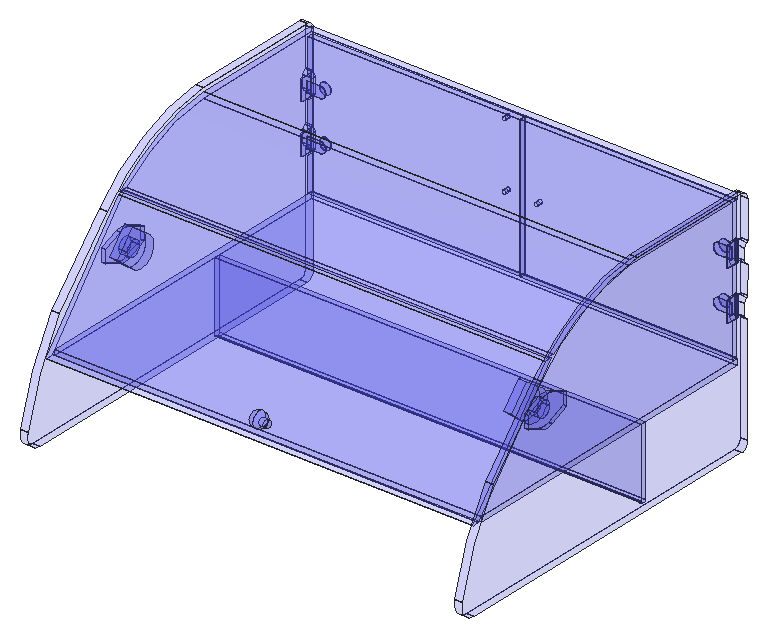
Revit family "QF_Vollrath_XLBC1-1826-13", category Specialty Equipment, Revit 2016
Family settings
  Part Type = Normal
  Round Connector Dimension = Use Diameter
  OmniClass Number = 23.40.40.00
  OmniClass Title = Food Service Equipment and Furnishings
  Work Plane-Based = No
  Always vertical = Yes
  Cut with Voids When Loaded = No
  Shared = No
  Room Calculation Point = No
Parameters (values of type "XLBC1F-1826-13")
  Weight in Pounds = 0
  Watermarked By = ""
  URL Cutsheet = ""
  URL = "www.vollrath.com"
  Specification by User [instance] = ""
  Specification by Manufacturer [instance] = ""
  Serial Number [instance] = ""
  Revision Code [instance] = ""
  Rear Doors = no
  No Rear Doors = not(Rear Doors)  # yes
  NAFEM Spec ID Number [instance] = ""
  Model = "XLBC1F-1826-13"
  Masterspec [instance] = ""
  Manufacturer = "Vollrath"  # constant formula
  Item Number [instance] = "-"
  Installed By [instance] = ""
  Furnished By [instance] = ""
  Foodservice Equipment Identifier = yes
  Description = "Display Case"
  CSI MasterFormat = "11 40 00"
  Assembly Code = "E1090300"
Types (3): name | Rear Doors | No Rear Doors | Model
  (no name) | no | yes | "XLBC1F-1826-13"
  XLBC1F-1826-13 | no | yes | "XLBC1F-1826-13"
  XLBC1FR-1826-13 | yes | no | "XLBC1FR-1826-13"
Reference planes (in)
  plane 1 "BACK": y = 0
  plane 2: z = 0
  plane 3 "LEFT": x = -16.56573
  plane 4 "RIGHT": x = 11.99677
  plane 5 "FRONT": y = -23.125
  plane 6 "Inside Left": x = -16.06573
  plane 7 "Inside Right": x = 11.49677
  plane 8 "Center LR": x = -2.28448
  plane 9 "TOP": z = 15
  plane 10 "Bottom": z = 0.125
  plane 11 "Inside Top": z = 14.75
  plane 12 "Top Hinge": z = 11.375
  plane 13 "Bottom Hinge": z = 8.1875
  plane 14 "Top Handle": z = 14
  plane 15 "Middle Handle": z = 9.75
  plane 16: z = 4.75
  plane 17 "Inside Bottom": z = 5.125
  plane 18 "Door Back": y = -0.1875
  plane 19 "Door Front": y = -0.5625
  plane 20 "Left Handle": x = -3.31573
  plane 21 "Right Handle": x = -1.25323
Forms (in)
  Extrusion 1, solid, material "QF_Glass-Cast-Clear"
    sketch origin (-16.56573, 0, 0) x (0, 1, 0) y (0, 0, 1)
      loop
        line (0, 0.5) -> (0, 7.50631)
        arc (0, 7.50631) -> (-0.01409, 7.54584) -> (-0.05, 7.56755) r 0.0625
        arc (-0.05, 7.56755) -> (-0.19365, 7.65439) -> (-0.25, 7.8125) r 0.25
        line (-0.25, 7.8125) -> (-0.25, 8.5625)
        arc (-0.25, 8.5625) -> (-0.19365, 8.72061) -> (-0.05, 8.80745) r 0.25
        arc (-0.05, 8.80745) -> (-0.01409, 8.82916) -> (0, 8.86869) r 0.0625
        line (0, 8.86869) -> (0, 10.69381)
        arc (0, 10.69381) -> (-0.01409, 10.73334) -> (-0.05, 10.75505) r 0.0625
        arc (-0.05, 10.75505) -> (-0.19365, 10.84189) -> (-0.25, 11) r 0.25
        line (-0.25, 11) -> (-0.25, 11.75)
        arc (-0.25, 11.75) -> (-0.19365, 11.90811) -> (-0.05, 11.99495) r 0.25
        arc (-0.05, 11.99495) -> (-0.01409, 12.01666) -> (0, 12.05619) r 0.0625
        line (0, 12.05619) -> (0, 14.5)
        arc (0, 14.5) -> (-0.14645, 14.85355) -> (-0.5, 15) r 0.5
        line (-0.5, 15) -> (-8.9375, 15)
        arc (-8.9375, 15) -> (-13.16039, 13.84397) -> (-16.6875, 11.25) r 12
        arc (-16.6875, 11.25) -> (-18.73417, 9.22453) -> (-20.5625, 7) r 28.0625
        arc (-20.5625, 7) -> (-22.07745, 4.22718) -> (-23.07105, 1.22779) r 17.5625
        arc (-23.07105, 1.22779) -> (-22.88085, 0.37863) -> (-22.09734, 0) r 1
        line (-22.09734, 0) -> (-0.5, 0)
        arc (-0.5, 0) -> (-0.14645, 0.14645) -> (0, 0.5) r 0.5
    from 0 to 0.5
  Extrusion 2, solid, material "QF_Glass-Cast-Clear"
    sketch origin (11.99677, 0, 0) x (0, 1, 0) y (0, 0, 1)
      loop
        line (0, 0.5) -> (0, 7.50631)
        arc (0, 7.50631) -> (-0.01409, 7.54584) -> (-0.05, 7.56755) r 0.0625
        arc (-0.05, 7.56755) -> (-0.19365, 7.65439) -> (-0.25, 7.8125) r 0.25
        line (-0.25, 7.8125) -> (-0.25, 8.5625)
        arc (-0.25, 8.5625) -> (-0.19365, 8.72061) -> (-0.05, 8.80745) r 0.25
        arc (-0.05, 8.80745) -> (-0.01409, 8.82916) -> (0, 8.86869) r 0.0625
        line (0, 8.86869) -> (0, 10.69381)
        arc (0, 10.69381) -> (-0.01409, 10.73334) -> (-0.05, 10.75505) r 0.0625
        arc (-0.05, 10.75505) -> (-0.19365, 10.84189) -> (-0.25, 11) r 0.25
        line (-0.25, 11) -> (-0.25, 11.75)
        arc (-0.25, 11.75) -> (-0.19365, 11.90811) -> (-0.05, 11.99495) r 0.25
        arc (-0.05, 11.99495) -> (-0.01409, 12.01666) -> (0, 12.05619) r 0.0625
        line (0, 12.05619) -> (0, 14.5)
        arc (0, 14.5) -> (-0.14645, 14.85355) -> (-0.5, 15) r 0.5
        line (-0.5, 15) -> (-8.9375, 15)
        arc (-8.9375, 15) -> (-13.16039, 13.84397) -> (-16.6875, 11.25) r 12
        arc (-16.6875, 11.25) -> (-18.73417, 9.22453) -> (-20.5625, 7) r 28.0625
        arc (-20.5625, 7) -> (-22.07745, 4.22718) -> (-23.07105, 1.22779) r 17.5625
        arc (-23.07105, 1.22779) -> (-22.88085, 0.37863) -> (-22.09734, 0) r 1
        line (-22.09734, 0) -> (-0.5, 0)
        arc (-0.5, 0) -> (-0.14645, 0.14645) -> (0, 0.5) r 0.5
    from 0 to -0.5
  Extrusion 3, solid, material "QF_Glass-Cast-Clear"
    sketch origin (-16.06573, 0, 0) x (0, 1, 0) y (0, 0, 1)
      loop
        line (-0.1875, 4.75) -> (-0.1875, 5.125) -> (-20.9375, 5.125) -> (-20.9375, 4.75) -> (-0.1875, 4.75)
    from 0 to 27.5625
  Extrusion 4, solid, material "QF_Glass-Cast-Clear"
    sketch origin (-16.06573, 0, 0) x (0, 1, 0) y (0, 0, 1)
      loop
        line (-7.625, 0.25) -> (-7.625, 4.75) -> (-8, 4.75) -> (-8, 0.25)
        arc (-8, 0.25) -> (-7.96339, 0.16161) -> (-7.875, 0.125) r 0.125
        line (-7.875, 0.125) -> (-7.75, 0.125)
        arc (-7.75, 0.125) -> (-7.66161, 0.16161) -> (-7.625, 0.25) r 0.125
    from 0 to 27.5625
  Extrusion 5, solid, material "QF_Glass-Cast-Clear"
    sketch origin (-16.06573, 0, 0) x (0, 1, 0) y (0, 0, 1)
      loop
        line (-0.1875, 14.75) -> (-8.9375, 14.75)
        arc (-8.9375, 14.75) -> (-12.53686, 13.88222) -> (-15.6875, 11.9375) r 11.75
        line (-15.6875, 11.9375) -> (-15.09965, 11.9375)
        arc (-15.09965, 11.9375) -> (-12.193, 13.61703) -> (-8.92268, 14.375) r 11.375
        line (-8.92268, 14.375) -> (-0.1875, 14.375) -> (-0.1875, 14.75)
    from 0 to 27.5625
  Extrusion 6, solid, material "QF_Glass-Cast-Clear"
    sketch origin (-16.06573, 0, 0) x (0, 1, 0) y (0, 0, 1)
      loop
        line (-21.5625, 4.8125) -> (-21.125, 4.875) -> (-15.25, 11.8125) -> (-15.3125, 11.875) -> (-15.75, 11.8125) -> (-21.625, 4.875) -> (-21.5625, 4.8125)
    from 0 to 27.5625
  Extrusion 7, solid, material "QF_Glass-Cast-Clear"
    sketch origin (0, -0.1875, 0) x (1, 0, 0) y (0, 0, 1)
      loop
        line (11.43427, 14.3125) -> (-2.25323, 14.3125) -> (-2.25323, 5.1875) -> (11.43427, 5.1875) -> (11.43427, 7.4375)
        arc (11.43427, 7.4375) -> (11.29886, 7.53125) -> (11.24677, 7.6875) r 0.26042
        line (11.24677, 7.6875) -> (11.24677, 8.6875)
        arc (11.24677, 8.6875) -> (11.29886, 8.84375) -> (11.43427, 8.9375) r 0.26042
        line (11.43427, 8.9375) -> (11.43427, 10.625)
        arc (11.43427, 10.625) -> (11.29886, 10.71875) -> (11.24677, 10.875) r 0.26042
        line (11.24677, 10.875) -> (11.24677, 11.875)
        arc (11.24677, 11.875) -> (11.29886, 12.03125) -> (11.43427, 12.125) r 0.26042
        line (11.43427, 12.125) -> (11.43427, 14.3125)
      loop
        line (-16.00323, 14.3125) -> (-16.00323, 12.125)
        arc (-16.00323, 12.125) -> (-15.86781, 12.03125) -> (-15.81573, 11.875) r 0.26042
        line (-15.81573, 11.875) -> (-15.81573, 10.875)
        arc (-15.81573, 10.875) -> (-15.86781, 10.71875) -> (-16.00323, 10.625) r 0.26042
        line (-16.00323, 10.625) -> (-16.00323, 8.9375)
        arc (-16.00323, 8.9375) -> (-15.86781, 8.84375) -> (-15.81573, 8.6875) r 0.26042
        line (-15.81573, 8.6875) -> (-15.81573, 7.6875)
        arc (-15.81573, 7.6875) -> (-15.86781, 7.53125) -> (-16.00323, 7.4375) r 0.26042
        line (-16.00323, 7.4375) -> (-16.00323, 5.1875) -> (-2.31573, 5.1875) -> (-2.31573, 14.3125) -> (-16.00323, 14.3125)
      loop
        circle (-3.31573, 9.75) r 0.125
      loop
        circle (-1.25323, 9.75) r 0.125
      loop
        circle (-3.31573, 14) r 0.125
    from 0 to 0.375
  Revolve 8, solid, material "QF_Glass-Cast-Clear", visible <- "Rear Doors"
    sketch origin (-3.31573, 0, 0) x (0, 1, 0) y (0, 0, 1)
      loop
        line (-0.1875, 14) -> (1.1875, 14)
        arc (1.1875, 14) -> (0.8164, 14.49117) -> (0.25, 14.25) r 0.5
        line (0.25, 14.25) -> (-0.1875, 14.25) -> (-0.1875, 14)
      axis (1.1875, 14) -> (-0.1875, 14)
    angle from 0 to 360
  Revolve 9, solid, material "QF_Glass-Cast-Clear", visible <- "Rear Doors"
    sketch origin (-1.25323, 0, 0) x (0, 1, 0) y (0, 0, 1)
      loop
        line (-0.1875, 9.75) -> (1.1875, 9.75)
        arc (1.1875, 9.75) -> (0.8164, 10.24117) -> (0.25, 10) r 0.5
        line (0.25, 10) -> (-0.1875, 10) -> (-0.1875, 9.75)
      axis (1.1875, 9.75) -> (-0.1875, 9.75)
    angle from 0 to 360
  Extrusion 10, solid, material "QF_Glass-Cast-Clear"
    sketch origin (0, -0.1875, 0) x (1, 0, 0) y (0, 0, 1)
      loop
        circle (-15.19073, 11.375) r 0.375
      loop
        circle (-15.19073, 8.1875) r 0.375
      loop
        circle (10.62177, 11.375) r 0.375
      loop
        circle (10.62177, 8.1875) r 0.375
    from 0 to -0.0625
  Extrusion 11, solid, material "QF_Glass-Cast-Clear"
    sketch origin (0, 0, 11.375) x (0, 1, 0) y (-1, 0, 0)
      loop
        circle (-0.1875, 16.00323) r 0.0625
      loop
        circle (-0.1875, -11.43427) r 0.0625
    from -0.6875 to 0.6875
  Extrusion 12, solid, material "QF_Glass-Cast-Clear"
    sketch origin (0, 0, 8.1875) x (0, 1, 0) y (-1, 0, 0)
      loop
        circle (-0.1875, 16.00323) r 0.0625
      loop
        circle (-0.1875, -11.43427) r 0.0625
    from -0.6875 to 0.6875
  Extrusion 13, solid, material "QF_Glass-Cast-Clear"
    sketch origin (-16.06573, 0, 0) x (0, 1, 0) y (0, 0, 1)
      loop
        line (-0.25, 10.6875) -> (-0.25, 12.0625) -> (-0.9375, 12.0625)
        arc (-0.9375, 12.0625) -> (-1.02589, 12.02589) -> (-1.0625, 11.9375) r 0.125
        line (-1.0625, 11.9375) -> (-1.0625, 10.8125)
        arc (-1.0625, 10.8125) -> (-1.02589, 10.72411) -> (-0.9375, 10.6875) r 0.125
        line (-0.9375, 10.6875) -> (-0.25, 10.6875)
      loop
        line (-0.25, 7.5) -> (-0.25, 8.875) -> (-0.9375, 8.875)
        arc (-0.9375, 8.875) -> (-1.02589, 8.83839) -> (-1.0625, 8.75) r 0.125
        line (-1.0625, 8.75) -> (-1.0625, 7.625)
        arc (-1.0625, 7.625) -> (-1.02589, 7.53661) -> (-0.9375, 7.5) r 0.125
        line (-0.9375, 7.5) -> (-0.25, 7.5)
    from 0 to 0.0625
  Extrusion 14, solid, material "QF_Glass-Cast-Clear"
    sketch origin (11.49677, 0, 0) x (0, 1, 0) y (0, 0, 1)
      loop
        line (-0.25, 10.6875) -> (-0.25, 12.0625) -> (-0.9375, 12.0625)
        arc (-0.9375, 12.0625) -> (-1.02589, 12.02589) -> (-1.0625, 11.9375) r 0.125
        line (-1.0625, 11.9375) -> (-1.0625, 10.8125)
        arc (-1.0625, 10.8125) -> (-1.02589, 10.72411) -> (-0.9375, 10.6875) r 0.125
        line (-0.9375, 10.6875) -> (-0.25, 10.6875)
      loop
        line (-0.25, 7.5) -> (-0.25, 8.875) -> (-0.9375, 8.875)
        arc (-0.9375, 8.875) -> (-1.02589, 8.83839) -> (-1.0625, 8.75) r 0.125
        line (-1.0625, 8.75) -> (-1.0625, 7.625)
        arc (-1.0625, 7.625) -> (-1.02589, 7.53661) -> (-0.9375, 7.5) r 0.125
        line (-0.9375, 7.5) -> (-0.25, 7.5)
    from 0 to -0.0625
  Extrusion 15, solid, material "QF_Glass-Cast-Clear"
    sketch origin (0, -0.5625, 0) x (1, 0, 0) y (0, 0, 1)
      loop
        line (-15.19073, 11.75) -> (-16.00323, 11.75) -> (-16.00323, 11) -> (-15.19073, 11)
        arc (-15.19073, 11) -> (-14.81573, 11.375) -> (-15.19073, 11.75) r 0.375
      loop
        line (-15.19073, 8.5625) -> (-16.00323, 8.5625) -> (-16.00323, 7.8125) -> (-15.19073, 7.8125)
        arc (-15.19073, 7.8125) -> (-14.81573, 8.1875) -> (-15.19073, 8.5625) r 0.375
      loop
        arc (10.62177, 11.75) -> (10.24677, 11.375) -> (10.62177, 11) r 0.375
        line (10.62177, 11) -> (11.43427, 11) -> (11.43427, 11.75) -> (10.62177, 11.75)
      loop
        arc (10.62177, 8.5625) -> (10.24677, 8.1875) -> (10.62177, 7.8125) r 0.375
        line (10.62177, 7.8125) -> (11.43427, 7.8125) -> (11.43427, 8.5625) -> (10.62177, 8.5625)
    from 0 to 0.0625
  Extrusion 16, solid, material "QF_Glass-Cast-Clear"
    sketch origin (-16.06573, 0, 0) x (0, 1, 0) y (0, 0, 1)
      loop
        arc (-15.18137, 9.79952) -> (-15.5625, 9.875) -> (-15.94363, 9.79952) r 1
        line (-15.94363, 9.79952) -> (-17.125, 9.3125) -> (-17.125, 8.4375) -> (-15.94363, 7.95048)
        arc (-15.94363, 7.95048) -> (-15.5625, 7.875) -> (-15.18137, 7.95048) r 1
        line (-15.18137, 7.95048) -> (-14, 8.4375) -> (-14, 9.3125) -> (-15.18137, 9.79952)
    from 0 to 0.25
  Extrusion 17, solid, material "QF_Glass-Cast-Clear"
    sketch origin (11.49677, 0, 0) x (0, 1, 0) y (0, 0, 1)
      loop
        arc (-15.18137, 9.79952) -> (-15.5625, 9.875) -> (-15.94363, 9.79952) r 1
        line (-15.94363, 9.79952) -> (-17.125, 9.3125) -> (-17.125, 8.4375) -> (-15.94363, 7.95048)
        arc (-15.94363, 7.95048) -> (-15.5625, 7.875) -> (-15.18137, 7.95048) r 1
        line (-15.18137, 7.95048) -> (-14, 8.4375) -> (-14, 9.3125) -> (-15.18137, 9.79952)
    from 0 to -0.25
  Extrusion 18, solid, material "QF_Glass-Cast-Clear"
    sketch origin (-16.06573, 0, 0) x (0, 1, 0) y (0, 0, 1)
      loop
        line (-17.47297, 9.1875) -> (-16.21051, 8.11337)
        arc (-16.21051, 8.11337) -> (-14.77648, 8.2568) -> (-14.97504, 9.68425) r 1
        line (-14.97504, 9.68425) -> (-16.25795, 10.61556) -> (-17.47297, 9.1875)
    from 0.8125 to 1.3125
  Extrusion 19, solid, material "QF_Glass-Cast-Clear"
    sketch origin (-16.06573, 0, 0) x (0, 1, 0) y (0, 0, 1)
      loop
        circle (-15.5625, 8.875) r 0.5
    from 0.25 to 0.8125
  Extrusion 20, solid, material "QF_Glass-Cast-Clear"
    sketch origin (11.49677, 0, 0) x (0, 1, 0) y (0, 0, 1)
      loop
        line (-17.47297, 9.1875) -> (-16.21051, 8.11337)
        arc (-16.21051, 8.11337) -> (-14.77648, 8.2568) -> (-14.97504, 9.68425) r 1
        line (-14.97504, 9.68425) -> (-16.25795, 10.61556) -> (-17.47297, 9.1875)
    from -0.8125 to -1.3125
  Extrusion 21, solid, material "QF_Glass-Cast-Clear"
    sketch origin (11.49677, 0, 0) x (0, 1, 0) y (0, 0, 1)
      loop
        circle (-15.5625, 8.875) r 0.5
    from -0.25 to -0.8125
  Revolve 22, solid, material "QF_Glass-Cast-Clear"
    sketch origin (-2.28448, 0, 0) x (0, 1, 0) y (0, 0, 1)
      loop
        line (-20.97875, 5.63813) -> (-22.02805, 6.52672)
        arc (-22.02805, 6.52672) -> (-22.06227, 5.91207) -> (-21.47418, 5.73008) r 0.5
        line (-21.47418, 5.73008) -> (-21.14031, 5.44734) -> (-20.97875, 5.63813)
      axis (-22.02805, 6.52672) -> (-20.97875, 5.63813)
    angle from 0 to 360
  Extrusion 23, solid, material "QF_Clearance", visible <- "Rear Doors", detail levels coarse+medium
    sketch origin (0, 0, 5.125) x (0, 1, 0) y (-1, 0, 0)
      loop
        line (0, 16.06573) -> (0, 2.28575)
        arc (0, 2.28575) -> (9.62338, 6.38743) -> (13.59375, 16.06573) r 13.78125
        line (13.59375, 16.06573) -> (0, 16.06573)
    from 0 to 9.1875
  Extrusion 24, solid, material "QF_Clearance", visible <- "Rear Doors", detail levels coarse+medium
    sketch origin (-4.56895, 0, 5.125) x (0, 1, 0) y (-1, 0, 0)
      loop
        line (0, -16.06573) -> (13.59375, -16.06573)
        arc (13.59375, -16.06573) -> (9.62338, -6.38743) -> (0, -2.28575) r 13.78125
        line (0, -2.28575) -> (0, -16.06573)
    from 0 to 9.1875
Lines and regions (in)
  symbolic lines
    curve 1: line (11.49677, -0.1875, 11.375) -> (-16.06573, -0.1875, 11.375)
    curve 2: line (-16.56573, 0, 11.375) -> (-16.56573, -23.09734, 11.375)
    curve 3: line (-16.06573, -23.09734, 11.375) -> (-16.06573, 0, 11.375)
    curve 4: line (-16.56573, 0, 11.375) -> (-16.06573, 0, 11.375)
    curve 5: line (-16.06573, -8.9375, 11.375) -> (11.49677, -8.9375, 11.375)
    curve 6: line (-16.06573, -23.09734, 11.375) -> (-16.56573, -23.09734, 11.375)
    curve 7: line (11.49677, 0, 11.375) -> (11.49677, -23.09734, 11.375)
    curve 8: line (11.99677, -23.09734, 11.375) -> (11.99677, 0, 11.375)
    curve 9: line (11.49677, -23.09734, 11.375) -> (11.99677, -23.09734, 11.375)
    curve 10: line (11.99677, 0, 11.375) -> (11.49677, 0, 11.375)
    curve 11: line (-16.06573, -15.75, 11.375) -> (11.49677, -15.75, 11.375)
    curve 12: circle (-2.28448, -21.64031, 11.375) r 0.5 normal (0, 0, 1)
    curve 13: spline (-2.53448, -20.97875, 11.375) -> (-2.52596, -20.93693, 11.375) -> (-2.50098, -20.89797, 11.375) -> (-2.46125, -20.86451, 11.375) -> (-2.40948, -20.83883, 11.375) -> (-2.34918, -20.82269, 11.375) -> (-2.28448, -20.81719, 11.375) -> (-2.21977, -20.82269, 11.375) -> (-2.15948, -20.83883, 11.375) -> (-2.1077, -20.86451, 11.375) -> (-2.06797, -20.89797, 11.375) -> (-2.04299, -20.93693, 11.375) -> (-2.03448, -20.97875, 11.375)
    curve 14: line (-2.53448, -20.97875, 11.375) -> (-2.53448, -21.2073, 11.375)
    curve 15: line (-2.03448, -20.97875, 11.375) -> (-2.03448, -21.2073, 11.375)
    curve 16: line (-2.78448, -21.64031, 11.375) -> (-16.06573, -21.64031, 11.375)
    curve 17: line (11.49677, -21.625, 11.375) -> (-1.78471, -21.625, 11.375)
  symbolic lines, visible <- "Rear Doors"
    curve 18: line (-3.56573, 0.25, 11.375) -> (-3.56573, -0.1875, 11.375)
    curve 19: line (-3.06573, 0.25, 11.375) -> (-3.06573, -0.1875, 11.375)
    curve 20: line (-1.50323, 0.25, 11.375) -> (-1.50323, -0.1875, 11.375)
    curve 21: line (-1.00323, 0.25, 11.375) -> (-1.00323, -0.1875, 11.375)
    curve 22: circle (-3.31573, 0.6875, 11.375) r 0.5 normal (0, 0, 1)
    curve 23: circle (-1.25323, 0.6875, 11.375) r 0.5 normal (0, 0, 1)
  symbolic lines, style "QF_Clearances_Door_Drawer", visible <- "Rear Doors", detail levels coarse+medium
    curve 24: line (-16.06573, 0, 11.375) -> (-16.06573, 13.59375, 11.375)
    curve 25: arc (-16.06573, 13.59375, 11.375) -> (-6.32091, 9.55732, 11.375) -> (-2.28448, -0.1875, 11.375) r 13.78125
    curve 26: line (11.49677, 0, 11.375) -> (11.49677, 13.59375, 11.375)
    curve 27: arc (11.49677, 13.59375, 11.375) -> (1.75196, 9.55732, 11.375) -> (-2.28448, -0.1875, 11.375) r 13.78125
Dimensions and locks (in)
  locked: plane 4 "RIGHT" to plane 3 "LEFT" at 28.5625
  locked: plane 5 "FRONT" to plane 1 "BACK" at 23.125
  locked: plane 3 "LEFT" to plane 6 "Inside Left" at 0.5
  locked: plane 7 "Inside Right" to plane 4 "RIGHT" at 0.5
  equal spacing: plane 3 "LEFT", plane 8 "Center LR", plane 4 "RIGHT"
  locked: plane 9 "TOP" to plane 2 at 15
  locked: plane 9 "TOP" to plane 11 "Inside Top" at 0.25
  locked: plane 10 "Bottom" to level at 0.125
  locked: plane 11 "Inside Top" to plane 12 "Top Hinge" at 3.375
  locked: plane 12 "Top Hinge" to plane 13 "Bottom Hinge" at 3.1875
  locked: plane 9 "TOP" to plane 14 "Top Handle" at 1
  locked: plane 14 "Top Handle" to plane 15 "Middle Handle" at 4.25
  locked: plane 17 "Inside Bottom" to plane 16 at 0.375
  locked: plane 17 "Inside Bottom" to level at 5.125
  locked: plane 19 "Door Front" to plane 18 "Door Back" at 0.375
  locked: plane 18 "Door Back" to plane 1 "BACK" at 0.1875
  locked: Extrusion 7 sketch curve to plane 8 "Center LR" at 0.03125
  locked: plane 17 "Inside Bottom" to Extrusion 7 sketch curve at 0.0625  (x2)
  locked: Extrusion 7 sketch curve to plane 11 "Inside Top" at 0.4375  (x2)
  locked: plane 8 "Center LR" to Extrusion 7 sketch curve at 0.03125
  Extrusion 7 sketch curve to plane 8 "Center LR" to Extrusion 7 sketch curve = 0' - 1 1/32" locked, 0' - 1 1/32" locked
  locked: Extrusion 10 sketch curve to plane 6 "Inside Left" at 0.875  (x2)
  locked: plane 7 "Inside Right" to Extrusion 10 sketch curve at 0.875  (x2)
  aligned and locked: level to plane 2
  aligned and locked: plane 6 "Inside Left" to Extrusion 1
  aligned and locked: Extrusion 2 to plane 7 "Inside Right"
  aligned and locked: Extrusion 3 sketch curve to plane 17 "Inside Bottom"
  aligned and locked: plane 16 to Extrusion 3 sketch curve
  aligned and locked: plane 7 "Inside Right" to Extrusion 3
  aligned and locked: plane 7 "Inside Right" to Extrusion 4
  aligned and locked: plane 7 "Inside Right" to Extrusion 5
  aligned and locked: plane 7 "Inside Right" to Extrusion 6
  aligned and locked: plane 19 "Door Front" to Extrusion 7
Automatic sketch dimensions
  Extrusion 1 sketch curve to level = 0' - 0"
  Extrusion 1 sketch curve to plane 9 "TOP" = 0' - 0"
  Extrusion 1 sketch curve to plane 1 "BACK" = 0' - 0"  (x7)
  plane 1 "BACK" to Extrusion 1 sketch curve = 0' - 0 1/16"
  Extrusion 1 sketch curve to Extrusion 1 sketch curve = 0' - 0 1/16"  (x3)
  plane 18 "Door Back" to Extrusion 1 sketch curve = 0' - 0 1/16"  (x2)
  Extrusion 1 sketch curve to plane 19 "Door Front" = 0' - 0 1/16"  (x2)
  plane 19 "Door Front" to Extrusion 1 sketch curve = 0' - 5.40777"
  Extrusion 1 sketch curve to plane 16 = 0' - 1.70794"
  Extrusion 1 sketch curve to Extrusion 1 sketch curve = 0' - 1.96338"
  plane 19 "Door Front" to Extrusion 1 sketch curve = 0' - 8 3/8"
  Extrusion 1 sketch curve to plane 5 "FRONT" = 0' - 1.02766"
  Extrusion 1 sketch curve to plane 1 "BACK" = 0' - 2.00278"
  Extrusion 1 sketch curve to level = 0' - 2.77284"
  Extrusion 1 sketch curve to level = 0' - 9.68268"
  plane 10 "Bottom" to Extrusion 1 sketch curve = 0' - 0 7/8"
  Extrusion 1 sketch curve to plane 13 "Bottom Hinge" = 0' - 0.68119"
  Extrusion 1 sketch curve to Extrusion 1 sketch curve = 0' - 0.30619"  (x4)
  plane 13 "Bottom Hinge" to Extrusion 1 sketch curve = 0' - 0 3/8"
  Extrusion 1 sketch curve to plane 12 "Top Hinge" = 0' - 0.68119"
  plane 12 "Top Hinge" to Extrusion 1 sketch curve = 0' - 0 3/8"
  Extrusion 1 sketch curve to plane 12 "Top Hinge" = 0' - 0 1/8"
  Extrusion 1 sketch curve to plane 13 "Bottom Hinge" = 0' - 1 3/16"
  Extrusion 2 sketch curve to level = 0' - 0"
  Extrusion 2 sketch curve to plane 9 "TOP" = 0' - 0"
  Extrusion 2 sketch curve to plane 1 "BACK" = 0' - 0"  (x7)
  Extrusion 2 sketch curve to Extrusion 2 sketch curve = 0' - 0 1/16"  (x4)
  plane 18 "Door Back" to Extrusion 2 sketch curve = 0' - 0 1/16"  (x2)
  Extrusion 2 sketch curve to plane 19 "Door Front" = 0' - 0 1/16"  (x2)
  plane 19 "Door Front" to Extrusion 2 sketch curve = 0' - 5.40777"
  Extrusion 2 sketch curve to plane 16 = 0' - 1.70794"
  Extrusion 2 sketch curve to Extrusion 2 sketch curve = 0' - 1.96338"
  plane 19 "Door Front" to Extrusion 2 sketch curve = 0' - 8 3/8"
  Extrusion 2 sketch curve to plane 5 "FRONT" = 0' - 1.02766"
  Extrusion 2 sketch curve to plane 1 "BACK" = 0' - 2.00278"
  Extrusion 2 sketch curve to level = 0' - 2.77284"
  Extrusion 2 sketch curve to level = 0' - 9.68268"
  plane 10 "Bottom" to Extrusion 2 sketch curve = 0' - 0 7/8"
  Extrusion 2 sketch curve to plane 13 "Bottom Hinge" = 0' - 0.68119"
  Extrusion 2 sketch curve to Extrusion 2 sketch curve = 0' - 0.30619"  (x4)
  plane 13 "Bottom Hinge" to Extrusion 2 sketch curve = 0' - 0 3/8"
  Extrusion 2 sketch curve to plane 12 "Top Hinge" = 0' - 0.68119"
  plane 12 "Top Hinge" to Extrusion 2 sketch curve = 0' - 0 3/8"
  Extrusion 2 sketch curve to plane 12 "Top Hinge" = 0' - 0 1/8"
  Extrusion 2 sketch curve to plane 13 "Bottom Hinge" = 0' - 1 3/16"
  Extrusion 3 sketch curve to plane 18 "Door Back" = 0' - 0"
  Extrusion 3 sketch curve to plane 5 "FRONT" = 0' - 2 3/16"
  Extrusion 4 sketch curve to plane 16 = 0' - 0"
  Extrusion 4 sketch curve to plane 10 "Bottom" = 0' - 0"
  plane 10 "Bottom" to Extrusion 4 sketch curve = 0' - 0 1/8"
  plane 19 "Door Front" to Extrusion 4 sketch curve = 0' - 7 7/16"
  Extrusion 4 sketch curve to Extrusion 4 sketch curve = 0' - 0 1/8"
  Extrusion 4 sketch curve to Extrusion 4 sketch curve = 0' - 0 3/8"
  Extrusion 5 sketch curve to Extrusion 5 sketch curve = 0' - 0"  (x2)
  Extrusion 5 sketch curve to plane 11 "Inside Top" = 0' - 0"
  Extrusion 5 sketch curve to plane 18 "Door Back" = 0' - 0"
  Extrusion 5 sketch curve to plane 16 = 0' - 1.71394"
  plane 19 "Door Front" to Extrusion 5 sketch curve = 0' - 7.45513"
  Extrusion 5 sketch curve to plane 11 "Inside Top" = 0' - 0 3/8"
  plane 19 "Door Front" to Extrusion 5 sketch curve = 0' - 8.36018"
  Extrusion 5 sketch curve to Extrusion 5 sketch curve = 0' - 0.01482"
  plane 12 "Top Hinge" to Extrusion 5 sketch curve = 0' - 0 9/16"
  plane 16 to Extrusion 6 sketch curve = 0' - 0 1/8"  (x2)
  Extrusion 6 sketch curve to plane 5 "FRONT" = 0' - 1 1/2"
  plane 16 to Extrusion 6 sketch curve = 0' - 0 1/16"
  Extrusion 6 sketch curve to Extrusion 6 sketch curve = 0' - 0 1/16"  (x2)
  Extrusion 6 sketch curve to Extrusion 6 sketch curve = 0' - 0 7/16"  (x2)
  plane 12 "Top Hinge" to Extrusion 6 sketch curve = 0' - 0 7/16"  (x2)
  Extrusion 6 sketch curve to plane 5 "FRONT" = 0' - 7 3/8"
  plane 12 "Top Hinge" to Extrusion 6 sketch curve = 0' - 0 1/2"
  Extrusion 7 sketch curve to plane 14 "Top Handle" = 0' - 0"
  Extrusion 7 sketch curve to plane 20 "Left Handle" = 0' - 0"
  Extrusion 7 sketch curve to plane 15 "Middle Handle" = 0' - 0"  (x2)
  plane 6 "Inside Left" to Extrusion 7 sketch curve = 0' - 0 1/4"  (x2)
  plane 6 "Inside Left" to Extrusion 7 sketch curve = 0' - 0 1/16"  (x3)
  Extrusion 7 sketch curve to plane 6 "Inside Left" = 0' - 0.01042"  (x4)
  Extrusion 7 sketch curve to plane 7 "Inside Right" = 0' - 0 1/4"  (x2)
  Extrusion 7 sketch curve to plane 7 "Inside Right" = 0' - 0 1/16"  (x3)
  plane 7 "Inside Right" to Extrusion 7 sketch curve = 0' - 0.01042"  (x4)
  Extrusion 7 sketch curve to plane 13 "Bottom Hinge" = 0' - 0 3/4"  (x2)
  plane 13 "Bottom Hinge" to Extrusion 7 sketch curve = 0' - 0 1/2"  (x2)
  Extrusion 7 sketch curve to plane 12 "Top Hinge" = 0' - 0 3/4"  (x2)
  plane 12 "Top Hinge" to Extrusion 7 sketch curve = 0' - 0 1/2"  (x2)
  Revolve 8 sketch curve to plane 14 "Top Handle" = 0' - 0"  (x2)
  Revolve 8 sketch curve to plane 18 "Door Back" = 0' - 0"
  Revolve 8 sketch curve to plane 1 "BACK" = 0' - 0 1/4"
  plane 14 "Top Handle" to Revolve 8 sketch curve = 0' - 0.00806"
  Revolve 8 sketch curve to Revolve 8 sketch curve = 0' - 0.43756"
  Revolve 8 sketch curve to Revolve 8 sketch curve = 0' - 0.49994"
  plane 5 "FRONT" to Revolve 8 sketch curve = 1' - 0.96915"
  Revolve 8 sketch curve to Revolve 8 sketch curve = 1' - 2.3421"
  Revolve 9 sketch curve to plane 15 "Middle Handle" = 0' - 0"  (x2)
  Revolve 9 sketch curve to plane 18 "Door Back" = 0' - 0"
  Revolve 9 sketch curve to plane 1 "BACK" = 0' - 0 1/4"
  plane 15 "Middle Handle" to Revolve 9 sketch curve = 0' - 0.00806"
  Revolve 9 sketch curve to Revolve 9 sketch curve = 0' - 0.43756"
  Revolve 9 sketch curve to Revolve 9 sketch curve = 0' - 0.49994"
  plane 5 "FRONT" to Revolve 9 sketch curve = 1' - 0.96915"
  Revolve 9 sketch curve to Revolve 9 sketch curve = 1' - 2.3421"
  Extrusion 10 sketch curve to plane 13 "Bottom Hinge" = 0' - 0"  (x2)
  Extrusion 10 sketch curve to plane 12 "Top Hinge" = 0' - 0"  (x2)
  plane 18 "Door Back" to Extrusion 11 sketch curve = 0' - 0"  (x2)
  Extrusion 11 sketch curve to plane 7 "Inside Right" = 0' - 0 1/16"
  plane 6 "Inside Left" to Extrusion 11 sketch curve = 0' - 0 1/16"
  plane 18 "Door Back" to Extrusion 12 sketch curve = 0' - 0"  (x2)
  Extrusion 12 sketch curve to plane 7 "Inside Right" = 0' - 0 1/16"
  plane 6 "Inside Left" to Extrusion 12 sketch curve = 0' - 0 1/16"
  plane 19 "Door Front" to Extrusion 13 sketch curve = 0' - 0 1/2"  (x2)
  Extrusion 13 sketch curve to Extrusion 13 sketch curve = 0' - 0 1/8"  (x4)
  plane 18 "Door Back" to Extrusion 13 sketch curve = 0' - 0 1/16"  (x2)
  Extrusion 13 sketch curve to plane 13 "Bottom Hinge" = 0' - 0 11/16"
  plane 13 "Bottom Hinge" to Extrusion 13 sketch curve = 0' - 0 9/16"
  Extrusion 13 sketch curve to plane 12 "Top Hinge" = 0' - 0 11/16"
  plane 12 "Top Hinge" to Extrusion 13 sketch curve = 0' - 0 9/16"
  plane 19 "Door Front" to Extrusion 14 sketch curve = 0' - 0 1/2"  (x2)
  Extrusion 14 sketch curve to Extrusion 14 sketch curve = 0' - 0 1/8"  (x4)
  plane 18 "Door Back" to Extrusion 14 sketch curve = 0' - 0 1/16"  (x2)
  Extrusion 14 sketch curve to plane 13 "Bottom Hinge" = 0' - 0 11/16"
  plane 13 "Bottom Hinge" to Extrusion 14 sketch curve = 0' - 0 9/16"
  Extrusion 14 sketch curve to plane 12 "Top Hinge" = 0' - 0 11/16"
  plane 12 "Top Hinge" to Extrusion 14 sketch curve = 0' - 0 9/16"
  Extrusion 15 sketch curve to plane 13 "Bottom Hinge" = 0' - 0"  (x2)
  Extrusion 15 sketch curve to plane 12 "Top Hinge" = 0' - 0"  (x2)
  plane 6 "Inside Left" to Extrusion 15 sketch curve = 0' - 0 1/16"  (x2)
  plane 12 "Top Hinge" to Extrusion 15 sketch curve = 0' - 0 3/8"
  Extrusion 15 sketch curve to Extrusion 15 sketch curve = 0' - 0 13/16"
  plane 6 "Inside Left" to Extrusion 15 sketch curve = 0' - 0 7/8"
  Extrusion 15 sketch curve to plane 7 "Inside Right" = 0' - 0 7/8"  (x2)
  Extrusion 15 sketch curve to plane 13 "Bottom Hinge" = 0' - 0 3/8"  (x2)
  Extrusion 15 sketch curve to plane 7 "Inside Right" = 0' - 0 1/16"  (x2)
  Extrusion 15 sketch curve to plane 12 "Top Hinge" = 0' - 0 3/8"
  Extrusion 16 sketch curve to Extrusion 16 sketch curve = 0' - 0"  (x2)
  plane 13 "Bottom Hinge" to Extrusion 16 sketch curve = 0' - 0 1/4"  (x2)
  Extrusion 16 sketch curve to plane 5 "FRONT" = 0' - 6"
  plane 15 "Middle Handle" to Extrusion 16 sketch curve = 0' - 0.04952"  (x2)
  Extrusion 16 sketch curve to Extrusion 16 sketch curve = 0' - 1.18137"  (x3)
  Extrusion 16 sketch curve to plane 13 "Bottom Hinge" = 0' - 0.23702"  (x2)
  Extrusion 16 sketch curve to Extrusion 16 sketch curve = 0' - 0.38113"
  plane 13 "Bottom Hinge" to Extrusion 16 sketch curve = 0' - 0 11/16"
  Extrusion 16 sketch curve to plane 15 "Middle Handle" = 0' - 0 7/16"  (x2)
  Extrusion 17 sketch curve to Extrusion 17 sketch curve = 0' - 0"  (x2)
  plane 13 "Bottom Hinge" to Extrusion 17 sketch curve = 0' - 0 1/4"  (x2)
  Extrusion 17 sketch curve to plane 5 "FRONT" = 0' - 6"
  plane 15 "Middle Handle" to Extrusion 17 sketch curve = 0' - 0.04952"  (x2)
  Extrusion 17 sketch curve to Extrusion 17 sketch curve = 0' - 1.18137"  (x3)
  Extrusion 17 sketch curve to plane 13 "Bottom Hinge" = 0' - 0.23702"  (x2)
  Extrusion 17 sketch curve to Extrusion 17 sketch curve = 0' - 0.38113"
  plane 13 "Bottom Hinge" to Extrusion 17 sketch curve = 0' - 0 11/16"
  Extrusion 17 sketch curve to plane 15 "Middle Handle" = 0' - 0 7/16"  (x2)
  Extrusion 18 sketch curve to plane 15 "Middle Handle" = 0' - 0 9/16"
  Extrusion 18 sketch curve to plane 5 "FRONT" = 0' - 5.65203"
  Extrusion 18 sketch curve to plane 12 "Top Hinge" = 0' - 0.75944"
  Extrusion 18 sketch curve to Extrusion 18 sketch curve = 0' - 1.21502"
  Extrusion 18 sketch curve to plane 13 "Bottom Hinge" = 0' - 0.07413"
  Extrusion 18 sketch curve to Extrusion 18 sketch curve = 0' - 0.64801"
  Extrusion 18 sketch curve to plane 15 "Middle Handle" = 0' - 0.06575"
  Extrusion 18 sketch curve to Extrusion 18 sketch curve = 0' - 0.58746"
  plane 13 "Bottom Hinge" to Extrusion 19 sketch curve = 0' - 0 11/16"
  Extrusion 19 sketch curve to plane 5 "FRONT" = 0' - 7 9/16"
  Extrusion 20 sketch curve to plane 15 "Middle Handle" = 0' - 0 9/16"
  Extrusion 20 sketch curve to plane 5 "FRONT" = 0' - 5.65203"
  Extrusion 20 sketch curve to plane 12 "Top Hinge" = 0' - 0.75944"
  Extrusion 20 sketch curve to Extrusion 20 sketch curve = 0' - 1.21502"
  Extrusion 20 sketch curve to plane 13 "Bottom Hinge" = 0' - 0.07413"
  Extrusion 20 sketch curve to Extrusion 20 sketch curve = 0' - 0.64801"
  Extrusion 20 sketch curve to plane 15 "Middle Handle" = 0' - 0.06575"
  Extrusion 20 sketch curve to Extrusion 20 sketch curve = 0' - 0.58746"
  plane 13 "Bottom Hinge" to Extrusion 21 sketch curve = 0' - 0 11/16"
  Extrusion 21 sketch curve to plane 5 "FRONT" = 0' - 7 9/16"
  Revolve 22 sketch curve to plane 5 "FRONT" = 0' - 1.09695"
  Revolve 22 sketch curve to Revolve 22 sketch curve = 0' - 0.37631"
  plane 17 "Inside Bottom" to Revolve 22 sketch curve = 0' - 0.60508"
  Revolve 22 sketch curve to Revolve 22 sketch curve = 0' - 0.17756"
  plane 17 "Inside Bottom" to Revolve 22 sketch curve = 0' - 0.32234"
  Revolve 22 sketch curve to Revolve 22 sketch curve = 0' - 0.33387"
  plane 17 "Inside Bottom" to Revolve 22 sketch curve = 0' - 0.51313"
  plane 9 "TOP" to Revolve 22 sketch curve = 0' - 0.79531"
  plane 5 "FRONT" to Revolve 22 sketch curve = 0' - 9.84787"
  Revolve 22 sketch curve to plane 1 "BACK" = 0' - 6.42253"
  Revolve 22 sketch curve to level = 1' - 5.56656"
  curve 9 to plane 4 "RIGHT" = 0' - 0"
  curve 6 to plane 3 "LEFT" = 0' - 0"
  curve 6 to plane 6 "Inside Left" = 0' - 0"
  curve 7 to plane 7 "Inside Right" = 0' - 0"
  curve 12 to plane 8 "Center LR" = 0' - 0"
  curve 13 to plane 8 "Center LR" = 0' - 0"
  plane 18 "Door Back" to curve 25 = 0' - 0"
  plane 1 "BACK" to curve 2 = 0' - 0"
  plane 1 "BACK" to curve 10 = 0' - 0"
  curve 22 to plane 20 "Left Handle" = 0' - 0"
  curve 23 to plane 21 "Right Handle" = 0' - 0"
  curve 27 to plane 8 "Center LR" = 0' - 0"
  curve 25 to plane 8 "Center LR" = 0' - 0"
  curve 14 to plane 8 "Center LR" = 0' - 0 1/4"
  curve 14 to plane 5 "FRONT" = 0' - 2.14625"
  curve 12 to curve 13 = 0' - 0.66156"
  curve 9 to plane 5 "FRONT" = 0' - 0.02766"
  curve 3 to plane 5 "FRONT" = 0' - 0.02766"
  curve 22 to plane 1 "BACK" = 0' - 0 11/16"
  curve 23 to plane 1 "BACK" = 0' - 0 11/16"
  plane 19 "Door Front" to curve 5 = 0' - 8 3/8"
  curve 11 to curve 5 = 0' - 6 13/16"
  curve 14 to curve 14 = 0' - 0.22855"
  curve 7 to curve 17 = 0' - 1.47234"
  curve 3 to curve 16 = 0' - 1 117/256"
  curve 18 to plane 1 "BACK" = 0' - 0 1/4"
  curve 21 to plane 1 "BACK" = 0' - 0 1/4"
  curve 20 to plane 1 "BACK" = 0' - 0 1/4"
  curve 19 to plane 1 "BACK" = 0' - 0 1/4"
  plane 21 "Right Handle" to curve 21 = 0' - 0 1/4"
  curve 20 to plane 21 "Right Handle" = 0' - 0 1/4"
  plane 20 "Left Handle" to curve 19 = 0' - 0 1/4"
  curve 18 to plane 20 "Left Handle" = 0' - 0 1/4"
  Extrusion 23 sketch curve to plane 6 "Inside Left" = 0' - 0"
  plane 18 "Door Back" to Extrusion 23 sketch curve = 0' - 0"
  plane 1 "BACK" to Extrusion 23 sketch curve = 0' - 0"
  Extrusion 23 sketch curve to plane 1 "BACK" = 1' - 1 19/32"
  Extrusion 24 sketch curve to plane 7 "Inside Right" = 0' - 0"
  plane 18 "Door Back" to Extrusion 24 sketch curve = 0' - 0"
  plane 1 "BACK" to Extrusion 24 sketch curve = 0' - 0"
  plane 1 "BACK" to Extrusion 24 sketch curve = 1' - 1 19/32"
  radius of Extrusion 7 sketch curve = 0' - 0 1/8"  (x3)
  radius of Extrusion 10 sketch curve = 0' - 0 3/8"  (x4)
  radius of Extrusion 11 sketch curve = 0' - 0 1/16"  (x2)
  radius of Extrusion 12 sketch curve = 0' - 0 1/16"  (x2)
  radius of Extrusion 19 sketch curve = 0' - 0 1/2"
  radius of Extrusion 21 sketch curve = 0' - 0 1/2"
  radius of curve 22 = 0' - 0 1/2"
  radius of curve 23 = 0' - 0 1/2"
